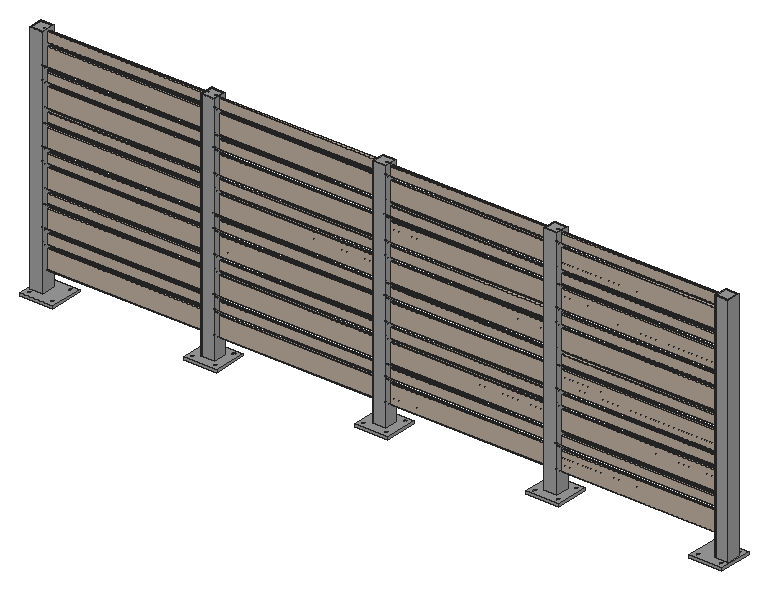
Revit family "Screening-Louver-Assembly-Array-Palmshield-Mercury_Economic-Alternating-Semi_Private-Vinyl", category Specialty Equipment, Revit 2020
Family settings
  Round Connector Dimension = Use Diameter
  Part Type = Normal
  OmniClass Number = 23.55.00.00
  OmniClass Title = Manufactured Structures
  Cut with Voids When Loaded = No
  Shared = No
  Room Calculation Point = No
Parameters (values of type "Assembly")
  Warranty URL = "https://palmshieldlouvers.com/wp-content/uploads/2020/01/PalmSHIELD-Warranty-NO-SIGN-LINE.pdf"
  Version = "2020 - v1.0a"  # constant formula
  URL = "https://palmshieldlouvers.com/"
  Type Comments = ""
  Left Post UP [instance] = yes
  Left Post Description [instance] = if(Left Post Position = 1, "Middle Post", if(Left Post Position = 2, "Corner Post", if(Left Post Position = 3, "End Post", "Not a Valid Option")))  # "End Post"
  Left Post DOWN [instance] = not(Left Post UP)  # no
  Left Post [instance] = yes
  Product Page URL = "https://palmshieldlouvers.com/products/mercury-eco-semi-private/"
  Product Documentation Link = "https://palmshieldlouvers.com/wp-content/uploads/2022/01/Mercury-Economic-Alternating-Semi-Private.pdf"
  Post Finish = Metal - PalmSHIELD - Dusty Grey
  Panel Width [instance] = if(Desired Panel Width > C Max Panel Width, C Max Panel Width, if(Desired Panel Width < C Min Panel Width, C Min Panel Width, Desired Panel Width))  # 4' - 0"
  Panel Height [instance] = if(Desired Panel Height > C Max Panel Height, C Max Panel Height, if(Desired Panel Height < C Min Panel Height, C Min Panel Height, Desired Panel Height))  # 6' - 0"
  Model = "Mercury Economic - Alternating - Semi Private"  # constant formula
  Manufacturer Phone Number = "531-329-4406 "  # constant formula
  Manufacturer Email = "mailto: info@palmshieldlouvers.com"
  Manufacturer Address = "12330 Cary Circle, La Vista, NE 68128"  # constant formula
  Manufacturer = "PalmSHIELD"  # constant formula
  Louver Finsh = Metal - PalmSHIELD - Grey Beige
  Left Post Position [instance] = 3
  Keynote = "05 10 00"
  Instruction Sheet Link = "https://palmshieldlouvers.com/wp-content/uploads/2021/09/PalmSHIELD-Mercury-Series-Post-Panel-Gate-Installation-Instructions-2.docx"
  ID [instance] = "Not Assigned"
  Frame Finish = Metal - PalmSHIELD - Dusty Grey
  Filler Panel [instance] = yes
  Right Post UP [instance] = yes
  Right Post Description [instance] = if(Right Post Position = 1, "Middle Post", if(Right Post Position = 2, "Corner Post", if(Right Post Position = 3, "End Post", "Not a Valid Option")))  # "End Post"
  Right Post DOWN [instance] = not(Right Post UP)  # no
  Right Post Position [instance] = 3
  Right Post [instance] = yes
  Desired Panel Width [instance] = 4' - 0"
  Desired Panel Height [instance] = 6' - 0"
  Real Length [instance] = if([built-in parameter 1001306] < (C Post Width + C Min Panel Width), (C Post Width + C Min Panel Width), [built-in parameter 1001306])  # 17' - 4"
  Description = "Mercury Economic - Alternating - Semi Private"  # constant formula
  built-in parameter 1001306 [instance] = 17' - 4"
  Copyright = "Copyright ©2024 The American Fence Company and PalmSHIELD. All Rights Reserved."  # constant formula
  Component Name [instance] = "Mercury Economic - Alternating - Semi Private"  # constant formula
  C Single Post [instance] = if(C Condition Double, 1 = 1, if(and(Right Post, C Condition Single), 1 = 1, 1 = 0))  # no
  C Single Panel [instance] = or(C Condition Double, C Condition Single)  # no
  C Single End Post Position [instance] = if(C Array Count = 1, 1, Right Post Position)  # 3
  C Right Post Offset Single [instance] = if(C Single End Post Position = 3, 0' 4 1/2", if(C Single End Post Position = 1, 0' 2", if(Right Post DOWN, 0' 2", 0' 4")))  # 0' - 4 1/2"
  C Right Post Offset Aux Single [instance] = if(C Single End Post Position = 3, 0' 0", if(C Single End Post Position = 1, 0' 0", if(Right Post DOWN, 0' 2", 0' 0")))  # 0' - 0"
  C Right Post Offset Aux [instance] = if(Right Post Position = 3, 0' 0", if(Right Post Position = 1, 0' 0", if(Right Post DOWN, 0' 2", 0' 0")))  # 0' - 0"
  C Right Post Offset [instance] = if(Right Post Position = 3, 0' 4 1/2", if(Right Post Position = 1, 0' 2", if(Right Post DOWN, 0' 2", 0' 4")))  # 0' - 4 1/2"
  C Right Post Angle Single [instance] = if(C Single End Post Position = 2, 90.00°, 0.00°)  # 0.00°
  C Right Post Angle [instance] = if(Right Post Position = 2, 90.00°, 0.00°)  # 0.00°
  C Post Width [instance] = 0' - 4"  # constant formula
  C Multiple Post [instance] = (C Condition Multiple)  # yes
  C Multiple Panels [instance] = (C Condition Multiple)  # yes
  C Min Panel Width [instance] = 4' - 0"  # constant formula
  C Min Panel Height [instance] = C Min Panel Width  # 4' - 0"
  C Max Panel Width [instance] = 5' - 0"  # constant formula
  C Max Panel Height [instance] = 6' - 0"  # constant formula
  C Left Post Offset Aux [instance] = if(Left Post Position = 3, 0' 4 1/2", if(Left Post Position = 1, 0' 2", if(Left Post DOWN, 0' 2", 0' 6")))  # 0' - 4 1/2"
  C Left Post Angle [instance] = if(Left Post Position = 3, 90.00°, 0.00°)  # 90.00°
  C Left Post Offset [instance] = if(Left Post Position = 3, 0' 0", if(Left Post Position = 1, 0' 0", if(Left Post DOWN, 0' 2", 0' 2")))  # 0' - 0"
  C Filler Post [instance] = and(not(C Condition Single), Filler Panel, Right Post, or(C Filler Panel Width = C Min Panel Width, C Filler Panel Width > C Min Panel Width))  # yes
  C Filler Panel Width Calculated [instance] = Real Length - C Calculated Total Length - Panel Width - C Post Width  # 4' - 0"
  C Filler Panel Width [instance] = if(C Filler Panel Width Calculated < C Min Panel Width, C Min Panel Width, if(C Filler Panel Width Calculated > C Max Panel Width, C Max Panel Width, C Filler Panel Width Calculated))  # 4' - 0"
  C Filler Panel [instance] = and(not(C Condition Single), Filler Panel, or(C Filler Panel Width = C Min Panel Width, C Filler Panel Width > C Min Panel Width))  # yes
  C Condition Single [instance] = C Array Count < 1  # no
  C Condition Multiple [instance] = C Array Count > 1  # yes
  C Condition Double [instance] = C Array Count = 1  # no
  C Complete Post [instance] = and(not(C Condition Single), not(Filler Panel), Right Post)  # no
  C Complete Panel [instance] = and(not(C Condition Single), not(Filler Panel))  # no
  C Calculated Total Length [instance] = if(C Array Count < 1, 0' 0", if(C Array Count = 1, C Post Width, Panel Width * (C Array Safe - 1) + C Post Width * (C Array Safe)))  # 9' - 0"
  C Calculated Filler Panel Length [instance] = if(C Array Count < 1, 0' 0", if(or(C Array Count = 2, C Array Count = 1), C Post Width, if(Filler Panel, (C Calculated Total Length - C Post Width - C Filler Panel Width), (C Calculated Total Length - C Post Width - Panel Width))))  # 4' - 8"
  C Array Safe [instance] = if(C Array Count < 2, 2, C Array Count)  # 3
  C Array Count [instance] = if(Filler Panel, roundup(((Real Length - C Min Panel Width) / (Panel Width + C Post Width)) - 1), roundup(((Real Length - (Panel Width)) / (Panel Width + C Post Width)) - 1))  # 3
  Assembly Code = "F1020100"
Reference planes (in)
  plane 1 "Center (Front/Back)": y = 0
  plane 2 "B": z = 0
  plane 3 "Left": x = 0
  plane 4 "Right": x = 208
  plane 5 "Top": z = 72
  plane 6: x = 48
  plane 7: x = 52
  plane 8: x = 100
  plane 9: x = 104
  plane 10: x = -4
  plane 11: x = 156
  plane 12: x = 52
  plane 13: x = 204
  plane 14: x = 204
  plane 15: x = -2
  plane 16: x = 208
  plane 17: x = 206
  plane 18: x = 206
  plane 19: x = 208
  plane 20: x = 50
  plane 21: x = 102
  plane 22: y = -2
  plane 23: y = 2
Lines and regions (in)
  reference lines
    curve 1: line (0, 0, 0) -> (208, 0, 0)
    curve 2: line (-2, 0, 0) -> (-4, 0, 0)
    curve 3: line (-2, 0, 0) -> (-2, 2, 0)
    curve 4: line (2.5, 0, 0) -> (2.5, 2, 0)
    curve 5: line (206, 0, 0) -> (206, -2, 0)
    curve 6: line (206, 0, 0) -> (208, 0, 0)
    curve 7: line (206, 0, 0) -> (206, 2, 0)
    curve 8: line (206, 0, 0) -> (206, 2, 0)
    curve 9: line (50.00002, 0, 0) -> (50.00002, 2, 0)
    curve 10: line (50, 0, 0) -> (52, 0, 0)
    curve 11: line (50.00002, -0.00002, 0) -> (50.00002, 2, 0)
    curve 12: line (206, 0, 0) -> (206, 2, 0)
    curve 13: line (206, 0, 0) -> (208, 0, 0)
    curve 14: line (206, 0, 0) -> (206, 2, 0)
Dimensions and locks (in)
  "built-in parameter 1001306": plane 3 "Left" to plane 4 "Right"
  "Panel Width": plane 6 to plane 3 "Left"
  "C Post Width": plane 7 to plane 6
  "Panel Width": plane 8 to plane 7
  "C Post Width": plane 9 to plane 8
  "C Post Width": plane 3 "Left" to plane 10
  "C Calculated Filler Panel Length": plane 12 to plane 10
  "C Filler Panel Width": plane 13 to plane 11
  "Panel Width": plane 14 to plane 11
  "C Calculated Total Length": plane 11 to plane 6
  equal spacing: plane 10, plane 15, plane 3 "Left"
  equal spacing: plane 16, plane 17, plane 13
  "C Post Width": plane 16 to plane 13
  equal spacing: plane 19, plane 18, plane 14
  "C Post Width": plane 19 to plane 14
  equal spacing: plane 9, plane 21, plane 8
  equal spacing: plane 7, plane 20, plane 6
  equal spacing: plane 22, plane 1 "Center (Front/Back)", plane 23
  "C Post Width": plane 22 to plane 23
  "Panel Height": plane 5 "Top" to level
  "C Left Post Offset": curve 4 to nested 1
  "C Left Post Offset Aux": curve 3 to curve 4
  equal spacing: group 1, group 2, group 3  (x3)
  "C Right Post Offset Aux": curve 8 to curve 7
  "C Right Post Offset": curve 8 to nested 5
  "C Right Post Offset Aux Single": curve 11 to curve 9
  "C Right Post Offset Single": curve 11 to nested 8
  "C Right Post Offset Aux": curve 14 to curve 12
  "C Right Post Offset": curve 14 to nested 10
  equal spacing: group 4, group 5, group 6  (x3)
  "C Left Post Angle": angle curve 2 to plane 15
  locked: curve 3 to curve 2 (angle 90.00°)
  locked: curve 6 to curve 7 (angle 90.00°)
  "C Right Post Angle": angle curve 7 to plane 18
  locked: curve 10 to curve 9 (angle 90.00°)
  "C Right Post Angle Single": angle curve 9 to plane 20
  locked: curve 13 to curve 12 (angle 90.00°)
  "C Right Post Angle": angle curve 12 to plane 18
  aligned and locked: plane 4 "Right" to curve 1
  aligned and locked: plane 1 "Center (Front/Back)" to curve 1
  aligned and locked: plane 3 "Left" to curve 1
  aligned and locked: level to plane 2 "B"
  aligned and locked: plane 3 "Left" to nested 2
  aligned and locked: nested 4 to plane 14
  aligned and locked: plane 1 "Center (Front/Back)" to nested 7
  aligned and locked: plane 20 to nested 7
  aligned and locked: plane 3 "Left" to nested 6
  aligned and locked: plane 1 "Center (Front/Back)" to nested 6
  aligned and locked: plane 11 to nested 3
  aligned and locked: plane 1 "Center (Front/Back)" to nested 3
  aligned and locked: plane 1 "Center (Front/Back)" to curve 2
  aligned and locked: plane 15 to curve 3
  aligned and locked: curve 2 to nested 1
  aligned and locked: plane 21 to nested 9
  aligned and locked: plane 1 "Center (Front/Back)" to nested 9
  aligned and locked: plane 17 to curve 5
  aligned and locked: plane 1 "Center (Front/Back)" to nested 4
  aligned and locked: plane 1 "Center (Front/Back)" to curve 6
  aligned and locked: plane 1 "Center (Front/Back)" to nested 2
  aligned and locked: plane 20 to curve 10
  aligned and locked: nested 8 to curve 10
  aligned and locked: plane 18 to curve 13
  aligned and locked: plane 1 "Center (Front/Back)" to curve 12
  aligned and locked: plane 7 to nested 31
  aligned and locked: plane 1 "Center (Front/Back)" to nested 31
Automatic sketch dimensions
  plane 22 to curve 5 = 0' - 0"
  curve 10 to curve 9 = 0' - 0"
  curve 2 to curve 4 = 0' - 0"
  curve 4 to curve 4 = 0' - 2"
  curve 8 to curve 7 = 0' - 0"  (x2)
  curve 11 to curve 9 = 0' - 0"  (x2)
  curve 14 to curve 13 = 0' - 0"
  curve 13 to curve 14 = 0' - 2"
Nested families (in)
  nested 1: "Screening-Louver-Assembly-Post-Palmshield-Mercury-Economic-Alternating-Semi_Private-Aluminum" at (0.5, 0, 0) x (-1, 0, 0) z (0, 0, 1), Desired Overall Height <- "Panel Height", visible <- "Left Post", Component Vis <- "Left Post", ID <- "ID", Post Position <- "Left Post Position", type "Assembly"
    with Post Position 3, ID "Not Assigned", Height 6' - 0", Desired Overall Height 6' - 0", Component Vis yes, Component Name "Mercury Economic - Alternating - Semi Private - Square Post", C Min Height 3' - 4", C Max Height 6' - 0"
  nested 2: "Screening-Louver-Assembly-Panel-Palmshield-Mercury_Economic-Alternating-Semi_Private-Vinyl" at (0, 0, 0), Desired Overall Height <- "Panel Height", Desired Overall Width <- "Panel Width", visible <- "C Single Panel", Component Vis <- "C Single Panel", ID <- "ID", type "Assembly"
    with Width 4' - 0", ID "Not Assigned", Height 6' - 0", Desired Overall Width 4' - 0", Desired Overall Height 6' - 0", Desired Bottom Angle 0.00°, Component Vis no, Component Name "Mercury Economic - Alternating - Semi Private", C Min Width 4' - 0", C Min Height 4' - 0", C Max Width 5' - 0", C Max Height 6' - 0", C Angle 0.00°
  nested 3: "Screening-Louver-Assembly-Panel-Palmshield-Mercury_Economic-Alternating-Semi_Private-Vinyl" at (156, 0, 0), Desired Overall Height <- "Panel Height", Desired Overall Width <- "C Filler Panel Width", visible <- "C Filler Panel", Component Vis <- "C Filler Panel", ID <- "ID", type "Assembly"
    with Width 4' - 0", ID "Not Assigned", Height 6' - 0", Desired Overall Width 4' - 0", Desired Overall Height 6' - 0", Desired Bottom Angle 0.00°, Component Vis yes, Component Name "Mercury Economic - Alternating - Semi Private", C Min Width 4' - 0", C Min Height 4' - 0", C Max Width 5' - 0", C Max Height 6' - 0", C Angle 0.00°
  nested 4: "Screening-Louver-Assembly-Panel-Palmshield-Mercury_Economic-Alternating-Semi_Private-Vinyl" at (156, 0, 0), Desired Overall Height <- "Panel Height", Desired Overall Width <- "Panel Width", visible <- "C Complete Panel", Component Vis <- "C Complete Panel", ID <- "ID", type "Assembly"
    with Width 4' - 0", ID "Not Assigned", Height 6' - 0", Desired Overall Width 4' - 0", Desired Overall Height 6' - 0", Desired Bottom Angle 0.00°, Component Vis no, Component Name "Mercury Economic - Alternating - Semi Private", C Min Width 4' - 0", C Min Height 4' - 0", C Max Width 5' - 0", C Max Height 6' - 0", C Angle 0.00°
  nested 5: "Screening-Louver-Assembly-Post-Palmshield-Mercury-Economic-Alternating-Semi_Private-Aluminum" at (203.5, 0, 0), Desired Overall Height <- "Panel Height", visible <- "C Filler Post", Component Vis <- "C Filler Post", ID <- "ID", Post Position <- "Right Post Position", type "Assembly"
    with Post Position 3, ID "Not Assigned", Height 6' - 0", Desired Overall Height 6' - 0", Component Vis yes, Component Name "Mercury Economic - Alternating - Semi Private - Square Post", C Min Height 3' - 4", C Max Height 6' - 0"
  nested 6: "Screening-Louver-Assembly-Panel-Palmshield-Mercury_Economic-Alternating-Semi_Private-Vinyl" at (0, 0, 0), Desired Overall Height <- "Panel Height", Desired Overall Width <- "Panel Width", visible <- "C Multiple Panels", Component Vis <- "C Multiple Panels", ID <- "ID", type "Assembly"
    with Width 4' - 0", ID "Not Assigned", Height 6' - 0", Desired Overall Width 4' - 0", Desired Overall Height 6' - 0", Desired Bottom Angle 0.00°, Component Vis yes, Component Name "Mercury Economic - Alternating - Semi Private", C Min Width 4' - 0", C Min Height 4' - 0", C Max Width 5' - 0", C Max Height 6' - 0", C Angle 0.00°
  nested 7: "Screening-Louver-Assembly-Post-Palmshield-Mercury-Economic-Alternating-Semi_Private-Aluminum" at (50, 0, 0), Desired Overall Height <- "Panel Height", visible <- "C Multiple Post", Component Vis <- "C Multiple Post", ID <- "ID", type "Assembly"
    with Post Position 1, ID "Not Assigned", Height 6' - 0", Desired Overall Height 6' - 0", Component Vis yes, Component Name "Mercury Economic - Alternating - Semi Private - Square Post", C Min Height 3' - 4", C Max Height 6' - 0"
  nested 8: "Screening-Louver-Assembly-Post-Palmshield-Mercury-Economic-Alternating-Semi_Private-Aluminum" at (47.50002, 0, 0), Desired Overall Height <- "Panel Height", visible <- "C Single Post", Component Vis <- "C Single Post", ID <- "ID", Post Position <- "C Single End Post Position", type "Assembly"
    with Post Position 3, ID "Not Assigned", Height 6' - 0", Desired Overall Height 6' - 0", Component Vis no, Component Name "Mercury Economic - Alternating - Semi Private - Square Post", C Min Height 3' - 4", C Max Height 6' - 0"
  nested 9: "Screening-Louver-Assembly-Post-Palmshield-Mercury-Economic-Alternating-Semi_Private-Aluminum" at (102, 0, 0), Desired Overall Height <- "Panel Height", visible <- "C Multiple Post", Component Vis <- "C Multiple Post", ID <- "ID", type "Assembly"
    with Post Position 1, ID "Not Assigned", Height 6' - 0", Desired Overall Height 6' - 0", Component Vis yes, Component Name "Mercury Economic - Alternating - Semi Private - Square Post", C Min Height 3' - 4", C Max Height 6' - 0"
  nested 10: "Screening-Louver-Assembly-Post-Palmshield-Mercury-Economic-Alternating-Semi_Private-Aluminum" at (203.5, 0, 0), Desired Overall Height <- "Panel Height", visible <- "C Complete Post", Component Vis <- "C Complete Post", ID <- "ID", Post Position <- "Right Post Position", type "Assembly"
    with Post Position 3, ID "Not Assigned", Height 6' - 0", Desired Overall Height 6' - 0", Component Vis no, Component Name "Mercury Economic - Alternating - Semi Private - Square Post", C Min Height 3' - 4", C Max Height 6' - 0"
  nested 11: "Screening-Louver-Assembly-Post-Palmshield-Mercury-Economic-Alternating-Semi_Private-Aluminum" at (154, 0, 0), Desired Overall Height <- "Panel Height", visible <- "C Multiple Post", Component Vis <- "C Multiple Post", ID <- "ID", type "Assembly"
    with Post Position 1, ID "Not Assigned", Height 6' - 0", Desired Overall Height 6' - 0", Component Vis yes, Component Name "Mercury Economic - Alternating - Semi Private - Square Post", C Min Height 3' - 4", C Max Height 6' - 0"
  nested 12: "Nested-Base_Plate-Palmshield-Mercury_Economic" at (154, 0, 0), type "10" x 10" x 3/4""
    with Material Metal - PalmSHIELD - Dusty Grey, ID "Not Assigned", Component Vis yes, Component Name "Mercury Economic - Aluminum - Base Plate"
  nested 13: "Nested-Square_Post-Aluminum-Palmshield-Mercury_Economic" at (154, 0, 0.75), type "4" X 4" X 1/8" SQ. TUBE"
    with Material Metal - PalmSHIELD - Dusty Grey, Length 5' - 11 1/4", ID "Not Assigned", Component Vis yes, Component Name "Mercury Economic - Aluminum - Square Post"
  nested 14: "Nested-Top_Cap-Palmshield-Mercury_Economic" at (154, 0, 72) x (1, 0, 0) z (0, 0, -1), type "3 3/4" x 3 3/4" x 1/8""
    with Material Metal - PalmSHIELD - Dusty Grey, ID "Not Assigned", Component Vis yes, Component Name "Mercury Economic - Aluminum - Square Top Cap"
  nested 15: "Nested-Base_Plate-Palmshield-Mercury_Economic" at (50, 0, 0), type "10" x 10" x 3/4""
    with Material Metal - PalmSHIELD - Dusty Grey, ID "Not Assigned", Component Vis yes, Component Name "Mercury Economic - Aluminum - Base Plate"
  nested 16: "Nested-Square_Post-Aluminum-Palmshield-Mercury_Economic" at (50, 0, 0.75), type "4" X 4" X 1/8" SQ. TUBE"
    with Material Metal - PalmSHIELD - Dusty Grey, Length 5' - 11 1/4", ID "Not Assigned", Component Vis yes, Component Name "Mercury Economic - Aluminum - Square Post"
  nested 17: "Nested-Top_Cap-Palmshield-Mercury_Economic" at (50, 0, 72) x (1, 0, 0) z (0, 0, -1), type "3 3/4" x 3 3/4" x 1/8""
    with Material Metal - PalmSHIELD - Dusty Grey, ID "Not Assigned", Component Vis yes, Component Name "Mercury Economic - Aluminum - Square Top Cap"
  nested 18: "Nested-Base_Plate-Palmshield-Mercury_Economic" at (102, 0, 0), type "10" x 10" x 3/4""
    with Material Metal - PalmSHIELD - Dusty Grey, ID "Not Assigned", Component Vis yes, Component Name "Mercury Economic - Aluminum - Base Plate"
  nested 19: "Nested-Square_Post-Aluminum-Palmshield-Mercury_Economic" at (102, 0, 0.75), type "4" X 4" X 1/8" SQ. TUBE"
    with Material Metal - PalmSHIELD - Dusty Grey, Length 5' - 11 1/4", ID "Not Assigned", Component Vis yes, Component Name "Mercury Economic - Aluminum - Square Post"
  nested 20: "Nested-Top_Cap-Palmshield-Mercury_Economic" at (102, 0, 72) x (1, 0, 0) z (0, 0, -1), type "3 3/4" x 3 3/4" x 1/8""
    with Material Metal - PalmSHIELD - Dusty Grey, ID "Not Assigned", Component Vis yes, Component Name "Mercury Economic - Aluminum - Square Top Cap"
  nested 21: "Nested-Louvers-Palmshield-Mercury-Economic-Alternating-Semi_Private-Vinyl" at (-1.8125, 0, 6.5) x (0, 1, 0) z (1, 0, 0), type "7/8" X 6" VINYL"
    with Material Metal - PalmSHIELD - Grey Beige, Length 4' - 3 5/8", ID "", Component Name "Mercury Economic Alternating Semi Private - Vinyl - Louvers"
  nested 22: "Nested-Louvers-Palmshield-Mercury-Economic-Alternating-Semi_Private-Vinyl" at (-1.8125, 0, 13.5) x (0, 1, 0) z (1, 0, 0), type "7/8" X 3" VINYL"
    with Material Metal - PalmSHIELD - Grey Beige, Length 4' - 3 5/8", ID "", Component Name "Mercury Economic Alternating Semi Private - Vinyl - Louvers"
  nested 23: "Nested-Louvers-Palmshield-Mercury-Economic-Alternating-Semi_Private-Vinyl" at (-1.8125, 0, 35.5) x (0, 1, 0) z (1, 0, 0), type "7/8" X 3" VINYL"
    with Material Metal - PalmSHIELD - Grey Beige, Length 4' - 3 5/8", ID "", Component Name "Mercury Economic Alternating Semi Private - Vinyl - Louvers"
  nested 24: "Nested-Louvers-Palmshield-Mercury-Economic-Alternating-Semi_Private-Vinyl" at (-1.8125, 0, 46.5) x (0, 1, 0) z (1, 0, 0), type "7/8" X 3" VINYL"
    with Material Metal - PalmSHIELD - Grey Beige, Length 4' - 3 5/8", ID "", Component Name "Mercury Economic Alternating Semi Private - Vinyl - Louvers"
  nested 25: "Nested-Louvers-Palmshield-Mercury-Economic-Alternating-Semi_Private-Vinyl" at (-1.8125, 0, 28.5) x (0, 1, 0) z (1, 0, 0), type "7/8" X 6" VINYL"
    with Material Metal - PalmSHIELD - Grey Beige, Length 4' - 3 5/8", ID "", Component Name "Mercury Economic Alternating Semi Private - Vinyl - Louvers"
  nested 26: "Nested-Louvers-Palmshield-Mercury-Economic-Alternating-Semi_Private-Vinyl" at (-1.8125, 0, 39.5) x (0, 1, 0) z (1, 0, 0), type "7/8" X 6" VINYL"
    with Material Metal - PalmSHIELD - Grey Beige, Length 4' - 3 5/8", ID "", Component Name "Mercury Economic Alternating Semi Private - Vinyl - Louvers"
  nested 27: "Nested-Louvers-Palmshield-Mercury-Economic-Alternating-Semi_Private-Vinyl" at (-1.8125, 0, 50.5) x (0, 1, 0) z (1, 0, 0), type "7/8" X 6" VINYL"
    with Material Metal - PalmSHIELD - Grey Beige, Length 4' - 3 5/8", ID "", Component Name "Mercury Economic Alternating Semi Private - Vinyl - Louvers"
  nested 28: "Nested-Louvers-Palmshield-Mercury-Economic-Alternating-Semi_Private-Vinyl" at (-1.8125, 0, 57.5) x (0, 1, 0) z (1, 0, 0), type "7/8" X 3" VINYL"
    with Material Metal - PalmSHIELD - Grey Beige, Length 4' - 3 5/8", ID "", Component Name "Mercury Economic Alternating Semi Private - Vinyl - Louvers"
  nested 29: "Nested-Louvers-Palmshield-Mercury-Economic-Alternating-Semi_Private-Vinyl" at (-1.8125, 0, 61.5) x (0, 1, 0) z (1, 0, 0), type "7/8" X 6" VINYL"
    with Material Metal - PalmSHIELD - Grey Beige, Length 4' - 3 5/8", ID "", Component Name "Mercury Economic Alternating Semi Private - Vinyl - Louvers"
  nested 30: "Nested-Louvers-Palmshield-Mercury-Economic-Alternating-Semi_Private-Vinyl" at (-1.8125, 0, 68.5) x (0, 1, 0) z (1, 0, 0), type "7/8" X 3" VINYL"
    with Material Metal - PalmSHIELD - Grey Beige, Length 4' - 3 5/8", ID "", Component Name "Mercury Economic Alternating Semi Private - Vinyl - Louvers"
  nested 31: "Screening-Louver-Assembly-Panel-Palmshield-Mercury_Economic-Alternating-Semi_Private-Vinyl" at (52, 0, 0), Desired Overall Height <- "Panel Height", Desired Overall Width <- "Panel Width", visible <- "C Multiple Panels", Component Vis <- "C Multiple Panels", ID <- "ID", type "Assembly"
    with Width 4' - 0", ID "Not Assigned", Height 6' - 0", Desired Overall Width 4' - 0", Desired Overall Height 6' - 0", Desired Bottom Angle 0.00°, Component Vis yes, Component Name "Mercury Economic - Alternating - Semi Private", C Min Width 4' - 0", C Min Height 4' - 0", C Max Width 5' - 0", C Max Height 6' - 0", C Angle 0.00°
  nested 32: "Nested-Louvers-Palmshield-Mercury-Economic-Alternating-Semi_Private-Vinyl" at (50.1875, 0, 6.5) x (0, 1, 0) z (1, 0, 0), type "7/8" X 6" VINYL"
    with Material Metal - PalmSHIELD - Grey Beige, Length 4' - 3 5/8", ID "", Component Name "Mercury Economic Alternating Semi Private - Vinyl - Louvers"
  nested 33: "Nested-Louvers-Palmshield-Mercury-Economic-Alternating-Semi_Private-Vinyl" at (50.1875, 0, 13.5) x (0, 1, 0) z (1, 0, 0), type "7/8" X 3" VINYL"
    with Material Metal - PalmSHIELD - Grey Beige, Length 4' - 3 5/8", ID "", Component Name "Mercury Economic Alternating Semi Private - Vinyl - Louvers"
  nested 34: "Nested-Louvers-Palmshield-Mercury-Economic-Alternating-Semi_Private-Vinyl" at (50.1875, 0, 35.5) x (0, 1, 0) z (1, 0, 0), type "7/8" X 3" VINYL"
    with Material Metal - PalmSHIELD - Grey Beige, Length 4' - 3 5/8", ID "", Component Name "Mercury Economic Alternating Semi Private - Vinyl - Louvers"
  nested 35: "Nested-Louvers-Palmshield-Mercury-Economic-Alternating-Semi_Private-Vinyl" at (50.1875, 0, 46.5) x (0, 1, 0) z (1, 0, 0), type "7/8" X 3" VINYL"
    with Material Metal - PalmSHIELD - Grey Beige, Length 4' - 3 5/8", ID "", Component Name "Mercury Economic Alternating Semi Private - Vinyl - Louvers"
  nested 36: "Nested-Louvers-Palmshield-Mercury-Economic-Alternating-Semi_Private-Vinyl" at (50.1875, 0, 28.5) x (0, 1, 0) z (1, 0, 0), type "7/8" X 6" VINYL"
    with Material Metal - PalmSHIELD - Grey Beige, Length 4' - 3 5/8", ID "", Component Name "Mercury Economic Alternating Semi Private - Vinyl - Louvers"
  nested 37: "Nested-Louvers-Palmshield-Mercury-Economic-Alternating-Semi_Private-Vinyl" at (50.1875, 0, 39.5) x (0, 1, 0) z (1, 0, 0), type "7/8" X 6" VINYL"
    with Material Metal - PalmSHIELD - Grey Beige, Length 4' - 3 5/8", ID "", Component Name "Mercury Economic Alternating Semi Private - Vinyl - Louvers"
  nested 38: "Nested-Louvers-Palmshield-Mercury-Economic-Alternating-Semi_Private-Vinyl" at (50.1875, 0, 50.5) x (0, 1, 0) z (1, 0, 0), type "7/8" X 6" VINYL"
    with Material Metal - PalmSHIELD - Grey Beige, Length 4' - 3 5/8", ID "", Component Name "Mercury Economic Alternating Semi Private - Vinyl - Louvers"
  nested 39: "Nested-Louvers-Palmshield-Mercury-Economic-Alternating-Semi_Private-Vinyl" at (50.1875, 0, 57.5) x (0, 1, 0) z (1, 0, 0), type "7/8" X 3" VINYL"
    with Material Metal - PalmSHIELD - Grey Beige, Length 4' - 3 5/8", ID "", Component Name "Mercury Economic Alternating Semi Private - Vinyl - Louvers"
  nested 40: "Nested-Louvers-Palmshield-Mercury-Economic-Alternating-Semi_Private-Vinyl" at (50.1875, 0, 61.5) x (0, 1, 0) z (1, 0, 0), type "7/8" X 6" VINYL"
    with Material Metal - PalmSHIELD - Grey Beige, Length 4' - 3 5/8", ID "", Component Name "Mercury Economic Alternating Semi Private - Vinyl - Louvers"
  nested 41: "Nested-Louvers-Palmshield-Mercury-Economic-Alternating-Semi_Private-Vinyl" at (50.1875, 0, 68.5) x (0, 1, 0) z (1, 0, 0), type "7/8" X 3" VINYL"
    with Material Metal - PalmSHIELD - Grey Beige, Length 4' - 3 5/8", ID "", Component Name "Mercury Economic Alternating Semi Private - Vinyl - Louvers"
  nested 42: "Screening-Louver-Assembly-Panel-Palmshield-Mercury_Economic-Alternating-Semi_Private-Vinyl" at (104, 0, 0), Desired Overall Height <- "Panel Height", Desired Overall Width <- "Panel Width", visible <- "C Multiple Panels", Component Vis <- "C Multiple Panels", ID <- "ID", type "Assembly"
    with Width 4' - 0", ID "Not Assigned", Height 6' - 0", Desired Overall Width 4' - 0", Desired Overall Height 6' - 0", Desired Bottom Angle 0.00°, Component Vis yes, Component Name "Mercury Economic - Alternating - Semi Private", C Min Width 4' - 0", C Min Height 4' - 0", C Max Width 5' - 0", C Max Height 6' - 0", C Angle 0.00°
  nested 43: "Nested-Louvers-Palmshield-Mercury-Economic-Alternating-Semi_Private-Vinyl" at (102.1875, 0, 6.5) x (0, 1, 0) z (1, 0, 0), type "7/8" X 6" VINYL"
    with Material Metal - PalmSHIELD - Grey Beige, Length 4' - 3 5/8", ID "", Component Name "Mercury Economic Alternating Semi Private - Vinyl - Louvers"
  nested 44: "Nested-Louvers-Palmshield-Mercury-Economic-Alternating-Semi_Private-Vinyl" at (102.1875, 0, 13.5) x (0, 1, 0) z (1, 0, 0), type "7/8" X 3" VINYL"
    with Material Metal - PalmSHIELD - Grey Beige, Length 4' - 3 5/8", ID "", Component Name "Mercury Economic Alternating Semi Private - Vinyl - Louvers"
  nested 45: "Nested-Louvers-Palmshield-Mercury-Economic-Alternating-Semi_Private-Vinyl" at (102.1875, 0, 35.5) x (0, 1, 0) z (1, 0, 0), type "7/8" X 3" VINYL"
    with Material Metal - PalmSHIELD - Grey Beige, Length 4' - 3 5/8", ID "", Component Name "Mercury Economic Alternating Semi Private - Vinyl - Louvers"
  nested 46: "Nested-Louvers-Palmshield-Mercury-Economic-Alternating-Semi_Private-Vinyl" at (102.1875, 0, 46.5) x (0, 1, 0) z (1, 0, 0), type "7/8" X 3" VINYL"
    with Material Metal - PalmSHIELD - Grey Beige, Length 4' - 3 5/8", ID "", Component Name "Mercury Economic Alternating Semi Private - Vinyl - Louvers"
  nested 47: "Nested-Louvers-Palmshield-Mercury-Economic-Alternating-Semi_Private-Vinyl" at (102.1875, 0, 28.5) x (0, 1, 0) z (1, 0, 0), type "7/8" X 6" VINYL"
    with Material Metal - PalmSHIELD - Grey Beige, Length 4' - 3 5/8", ID "", Component Name "Mercury Economic Alternating Semi Private - Vinyl - Louvers"
  nested 48: "Nested-Louvers-Palmshield-Mercury-Economic-Alternating-Semi_Private-Vinyl" at (102.1875, 0, 39.5) x (0, 1, 0) z (1, 0, 0), type "7/8" X 6" VINYL"
    with Material Metal - PalmSHIELD - Grey Beige, Length 4' - 3 5/8", ID "", Component Name "Mercury Economic Alternating Semi Private - Vinyl - Louvers"
  nested 49: "Nested-Louvers-Palmshield-Mercury-Economic-Alternating-Semi_Private-Vinyl" at (102.1875, 0, 50.5) x (0, 1, 0) z (1, 0, 0), type "7/8" X 6" VINYL"
    with Material Metal - PalmSHIELD - Grey Beige, Length 4' - 3 5/8", ID "", Component Name "Mercury Economic Alternating Semi Private - Vinyl - Louvers"
  nested 50: "Nested-Louvers-Palmshield-Mercury-Economic-Alternating-Semi_Private-Vinyl" at (102.1875, 0, 57.5) x (0, 1, 0) z (1, 0, 0), type "7/8" X 3" VINYL"
    with Material Metal - PalmSHIELD - Grey Beige, Length 4' - 3 5/8", ID "", Component Name "Mercury Economic Alternating Semi Private - Vinyl - Louvers"
  nested 51: "Nested-Louvers-Palmshield-Mercury-Economic-Alternating-Semi_Private-Vinyl" at (102.1875, 0, 61.5) x (0, 1, 0) z (1, 0, 0), type "7/8" X 6" VINYL"
    with Material Metal - PalmSHIELD - Grey Beige, Length 4' - 3 5/8", ID "", Component Name "Mercury Economic Alternating Semi Private - Vinyl - Louvers"
  nested 52: "Nested-Louvers-Palmshield-Mercury-Economic-Alternating-Semi_Private-Vinyl" at (102.1875, 0, 68.5) x (0, 1, 0) z (1, 0, 0), type "7/8" X 3" VINYL"
    with Material Metal - PalmSHIELD - Grey Beige, Length 4' - 3 5/8", ID "", Component Name "Mercury Economic Alternating Semi Private - Vinyl - Louvers"
  nested 53: "Nested-Louvers-Palmshield-Mercury-Economic-Alternating-Semi_Private-Vinyl" at (154.1875, 0, 6.5) x (0, 1, 0) z (1, 0, 0), type "7/8" X 6" VINYL"
    with Material Metal - PalmSHIELD - Grey Beige, Length 4' - 3 5/8", ID "", Component Name "Mercury Economic Alternating Semi Private - Vinyl - Louvers"
  nested 54: "Nested-Louvers-Palmshield-Mercury-Economic-Alternating-Semi_Private-Vinyl" at (154.1875, 0, 13.5) x (0, 1, 0) z (1, 0, 0), type "7/8" X 3" VINYL"
    with Material Metal - PalmSHIELD - Grey Beige, Length 4' - 3 5/8", ID "", Component Name "Mercury Economic Alternating Semi Private - Vinyl - Louvers"
  nested 55: "Nested-Louvers-Palmshield-Mercury-Economic-Alternating-Semi_Private-Vinyl" at (154.1875, 0, 35.5) x (0, 1, 0) z (1, 0, 0), type "7/8" X 3" VINYL"
    with Material Metal - PalmSHIELD - Grey Beige, Length 4' - 3 5/8", ID "", Component Name "Mercury Economic Alternating Semi Private - Vinyl - Louvers"
  nested 56: "Nested-Louvers-Palmshield-Mercury-Economic-Alternating-Semi_Private-Vinyl" at (154.1875, 0, 46.5) x (0, 1, 0) z (1, 0, 0), type "7/8" X 3" VINYL"
    with Material Metal - PalmSHIELD - Grey Beige, Length 4' - 3 5/8", ID "", Component Name "Mercury Economic Alternating Semi Private - Vinyl - Louvers"
  nested 57: "Nested-Louvers-Palmshield-Mercury-Economic-Alternating-Semi_Private-Vinyl" at (154.1875, 0, 28.5) x (0, 1, 0) z (1, 0, 0), type "7/8" X 6" VINYL"
    with Material Metal - PalmSHIELD - Grey Beige, Length 4' - 3 5/8", ID "", Component Name "Mercury Economic Alternating Semi Private - Vinyl - Louvers"
  nested 58: "Nested-Louvers-Palmshield-Mercury-Economic-Alternating-Semi_Private-Vinyl" at (154.1875, 0, 39.5) x (0, 1, 0) z (1, 0, 0), type "7/8" X 6" VINYL"
    with Material Metal - PalmSHIELD - Grey Beige, Length 4' - 3 5/8", ID "", Component Name "Mercury Economic Alternating Semi Private - Vinyl - Louvers"
  nested 59: "Nested-Louvers-Palmshield-Mercury-Economic-Alternating-Semi_Private-Vinyl" at (154.1875, 0, 50.5) x (0, 1, 0) z (1, 0, 0), type "7/8" X 6" VINYL"
    with Material Metal - PalmSHIELD - Grey Beige, Length 4' - 3 5/8", ID "", Component Name "Mercury Economic Alternating Semi Private - Vinyl - Louvers"
  nested 60: "Nested-Louvers-Palmshield-Mercury-Economic-Alternating-Semi_Private-Vinyl" at (154.1875, 0, 57.5) x (0, 1, 0) z (1, 0, 0), type "7/8" X 3" VINYL"
    with Material Metal - PalmSHIELD - Grey Beige, Length 4' - 3 5/8", ID "", Component Name "Mercury Economic Alternating Semi Private - Vinyl - Louvers"
  nested 61: "Nested-Louvers-Palmshield-Mercury-Economic-Alternating-Semi_Private-Vinyl" at (154.1875, 0, 61.5) x (0, 1, 0) z (1, 0, 0), type "7/8" X 6" VINYL"
    with Material Metal - PalmSHIELD - Grey Beige, Length 4' - 3 5/8", ID "", Component Name "Mercury Economic Alternating Semi Private - Vinyl - Louvers"
  nested 62: "Nested-Louvers-Palmshield-Mercury-Economic-Alternating-Semi_Private-Vinyl" at (154.1875, 0, 68.5) x (0, 1, 0) z (1, 0, 0), type "7/8" X 3" VINYL"
    with Material Metal - PalmSHIELD - Grey Beige, Length 4' - 3 5/8", ID "", Component Name "Mercury Economic Alternating Semi Private - Vinyl - Louvers"
  nested 63: "Nested-Base_Plate-Palmshield-Mercury_Economic" at (203.5, 0, 0), type "10" x 10" x 3/4""
    with Material Metal - PalmSHIELD - Dusty Grey, ID "Not Assigned", Component Vis yes, Component Name "Mercury Economic - Aluminum - Base Plate"
  nested 64: "Nested-Square_Post-Aluminum-Palmshield-Mercury_Economic" at (206, 0, 0.75), type "4" X 4" X 1/8" SQ. TUBE"
    with Material Metal - PalmSHIELD - Dusty Grey, Length 5' - 11 1/4", ID "Not Assigned", Component Vis yes, Component Name "Mercury Economic - Aluminum - Square Post"
  nested 65: "Nested-Top_Cap-Palmshield-Mercury_Economic" at (206, 0, 72) x (1, 0, 0) z (0, 0, -1), type "3 3/4" x 3 3/4" x 1/8""
    with Material Metal - PalmSHIELD - Dusty Grey, ID "Not Assigned", Component Vis yes, Component Name "Mercury Economic - Aluminum - Square Top Cap"
  nested 66: "Nested-Base_Plate-Palmshield-Mercury_Economic" at (0.5, 0, 0) x (-1, 0, 0) z (0, 0, 1), type "10" x 10" x 3/4""
    with Material Metal - PalmSHIELD - Dusty Grey, ID "Not Assigned", Component Vis yes, Component Name "Mercury Economic - Aluminum - Base Plate"
  nested 67: "Nested-Square_Post-Aluminum-Palmshield-Mercury_Economic" at (-2, 0, 0.75) x (-1, 0, 0) z (0, 0, 1), type "4" X 4" X 1/8" SQ. TUBE"
    with Material Metal - PalmSHIELD - Dusty Grey, Length 5' - 11 1/4", ID "Not Assigned", Component Vis yes, Component Name "Mercury Economic - Aluminum - Square Post"
  nested 68: "Nested-Top_Cap-Palmshield-Mercury_Economic" at (-2, 0, 72) x (-1, 0, 0) z (0, 0, -1), type "3 3/4" x 3 3/4" x 1/8""
    with Material Metal - PalmSHIELD - Dusty Grey, ID "Not Assigned", Component Vis yes, Component Name "Mercury Economic - Aluminum - Square Top Cap"
  nested 69: "Nested-Louvers-Palmshield-Mercury-Economic-Alternating-Semi_Private-Vinyl" at (154.1875, 0, 17.5) x (0, 1, 0) z (1, 0, 0), type "7/8" X 6" VINYL"
    with Material Metal - PalmSHIELD - Grey Beige, Length 4' - 3 5/8", ID "", Component Name "Mercury Economic Alternating Semi Private - Vinyl - Louvers"
  nested 70: "Nested-Louvers-Palmshield-Mercury-Economic-Alternating-Semi_Private-Vinyl" at (154.1875, 0, 24.5) x (0, 1, 0) z (1, 0, 0), type "7/8" X 3" VINYL"
    with Material Metal - PalmSHIELD - Grey Beige, Length 4' - 3 5/8", ID "", Component Name "Mercury Economic Alternating Semi Private - Vinyl - Louvers"
  nested 71: "Nested-Louvers-Palmshield-Mercury-Economic-Alternating-Semi_Private-Vinyl" at (102.1875, 0, 17.5) x (0, 1, 0) z (1, 0, 0), type "7/8" X 6" VINYL"
    with Material Metal - PalmSHIELD - Grey Beige, Length 4' - 3 5/8", ID "", Component Name "Mercury Economic Alternating Semi Private - Vinyl - Louvers"
  nested 72: "Nested-Louvers-Palmshield-Mercury-Economic-Alternating-Semi_Private-Vinyl" at (102.1875, 0, 24.5) x (0, 1, 0) z (1, 0, 0), type "7/8" X 3" VINYL"
    with Material Metal - PalmSHIELD - Grey Beige, Length 4' - 3 5/8", ID "", Component Name "Mercury Economic Alternating Semi Private - Vinyl - Louvers"
  nested 73: "Nested-Louvers-Palmshield-Mercury-Economic-Alternating-Semi_Private-Vinyl" at (-1.8125, 0, 17.5) x (0, 1, 0) z (1, 0, 0), type "7/8" X 6" VINYL"
    with Material Metal - PalmSHIELD - Grey Beige, Length 4' - 3 5/8", ID "", Component Name "Mercury Economic Alternating Semi Private - Vinyl - Louvers"
  nested 74: "Nested-Louvers-Palmshield-Mercury-Economic-Alternating-Semi_Private-Vinyl" at (-1.8125, 0, 24.5) x (0, 1, 0) z (1, 0, 0), type "7/8" X 3" VINYL"
    with Material Metal - PalmSHIELD - Grey Beige, Length 4' - 3 5/8", ID "", Component Name "Mercury Economic Alternating Semi Private - Vinyl - Louvers"
  nested 75: "Nested-Louvers-Palmshield-Mercury-Economic-Alternating-Semi_Private-Vinyl" at (50.1875, 0, 17.5) x (0, 1, 0) z (1, 0, 0), type "7/8" X 6" VINYL"
    with Material Metal - PalmSHIELD - Grey Beige, Length 4' - 3 5/8", ID "", Component Name "Mercury Economic Alternating Semi Private - Vinyl - Louvers"
  nested 76: "Nested-Louvers-Palmshield-Mercury-Economic-Alternating-Semi_Private-Vinyl" at (50.1875, 0, 24.5) x (0, 1, 0) z (1, 0, 0), type "7/8" X 3" VINYL"
    with Material Metal - PalmSHIELD - Grey Beige, Length 4' - 3 5/8", ID "", Component Name "Mercury Economic Alternating Semi Private - Vinyl - Louvers"
Definition of nested family "Nested-Base_Plate-Palmshield-Mercury_Economic"
  Parameters (values of type "10" x 14" x 3/4"")
    Width = if(Constraints = 1, 0' 10", 1' 2")  # 1' - 2"
    Warranty URL = "https://palmshieldlouvers.com/wp-content/uploads/2020/01/PalmSHIELD-Warranty-NO-SIGN-LINE.pdf"
    Version = "2020 - v1.0a"  # constant formula
    URL = "https://palmshieldlouvers.com/"
    Thickness = 0' - 0 3/4"  # constant formula
    Product Page URL = "Contact Manufacturer for More Information"
    Product Documentation Link = "Contact Manufacturer for More Information"
    Model = "Mercury Economic"  # constant formula
    Material [instance] = none
    Manufacturer Phone Number = "531-329-4406 "  # constant formula
    Manufacturer Fax Number = "Consult Manufacturer Website for More Information"  # constant formula
    Manufacturer Email = "mailto: info@palmshieldlouvers.com"
    Manufacturer Address = "12330 Cary Circle, La Vista, NE 68128"  # constant formula
    Manufacturer = "PalmSHIELD"  # constant formula
    Keynote = "05 10 00"
    Instruction Sheet Link = "Contact Manufacturer for More Information"
    ID [instance] = ""
    Hole Diameter = 0' - 0 3/4"  # constant formula
    Height = 0' - 10"  # constant formula
    Description = "Mercury Economic - Base Plate"  # constant formula
    Default Elevation = 4' - 0"
    Copyright = "Copyright ©2024 The American Fence Company and PalmSHIELD. All Rights Reserved."  # constant formula
    Constraints = 2
    Component Vis [instance] = yes
    Component Name [instance] = "Mercury Economic - Aluminum - Base Plate"  # constant formula
    C Hole Offset = 0' - 1 1/2"  # constant formula
    Assembly Code = "F1020100"
  Types (2): name | Width | Constraints
    10" x 10" x 3/4" | 0' - 10" | 1
    10" x 14" x 3/4" | 1' - 2" | 2
  Reference planes (in)
    plane 1 "Center (Front/Back)": y = 0
    plane 2: z = 0
    plane 3 "Center (Left/Right)": x = 0
    plane 4: y = 5
    plane 5: x = 7
    plane 6: y = -5
    plane 7: x = -7
    plane 8: z = 0.75
  Forms (in)
    Extrusion 1, solid
      sketch origin (0, 0, 0) x (1, 0, 0) y (0, 1, 0)
        loop
          line (-48, 48) -> (-48, -48) -> (48, -48) -> (48, 48) -> (-48, 48)
      from 0 to -12
    Extrusion 2, solid, material <- "Material", visible <- "Component Vis"
      sketch origin (0, 0, 0) x (1, 0, 0) y (0, 1, 0)
        loop
          line (-7, 5) -> (-7, -5) -> (7, -5) -> (7, 5) -> (-7, 5)
        loop
          circle (-5.5, 3.5) r 0.375
        loop
          circle (5.5, 3.5) r 0.375
        loop
          circle (-5.5, -3.5) r 0.375
        loop
          circle (5.5, -3.5) r 0.375
      from 0 to 0.75
  Dimensions and locks (in)
    equal spacing: plane 7, plane 3 "Center (Left/Right)", plane 5
    equal spacing: plane 4, plane 1 "Center (Front/Back)", plane 6
    "Width": plane 7 to plane 5
    "Height": plane 4 to plane 6
    "C Hole Offset": plane 7 to Extrusion 2 sketch curve  (x2)
    "C Hole Offset": Extrusion 2 sketch curve to plane 5  (x2)
    "C Hole Offset": plane 4 to Extrusion 2 sketch curve  (x2)
    "C Hole Offset": plane 6 to Extrusion 2 sketch curve  (x2)
    "Thickness": plane 8 to plane 2
    "Width": Extrusion 2 to Extrusion 2
    "Hole Diameter": diameter of Extrusion 2 sketch curve  (x4)
    aligned and locked: plane 2 to Extrusion 1
    aligned and locked: level to Extrusion 1
    aligned and locked: Extrusion 2 sketch curve to plane 4
    aligned and locked: plane 7 to Extrusion 2 sketch curve
    aligned and locked: Extrusion 2 sketch curve to plane 6
    aligned and locked: Extrusion 2 sketch curve to plane 5
    aligned and locked: plane 8 to Extrusion 2
  Automatic sketch dimensions
    Extrusion 1 sketch curve to Extrusion 1 sketch curve = 8' - 0"  (x2)
Definition of nested family "Nested-Square_Post-Aluminum-Palmshield-Mercury_Economic"
  Parameters (values of type "4" X 4" X 1/8" SQ. TUBE")
    Width = 0' - 4"  # constant formula
    Warranty URL = "https://palmshieldlouvers.com/wp-content/uploads/2020/01/PalmSHIELD-Warranty-NO-SIGN-LINE.pdf"
    Version = "2020 - v1.0a"  # constant formula
    URL = "https://palmshieldlouvers.com/"
    Thickness = 0' - 0 1/8"  # constant formula
    Product Page URL = "Contact Manufacturer for More Information"
    Product Documentation Link = "Contact Manufacturer for More Information"
    Model = "Mercury Economic"  # constant formula
    Material [instance] = none
    Manufacturer Phone Number = "531-329-4406 "  # constant formula
    Manufacturer Fax Number = "Consult Manufacturer Website for More Information"  # constant formula
    Manufacturer Email = "mailto: info@palmshieldlouvers.com"
    Manufacturer Address = "12330 Cary Circle, La Vista, NE 68128"  # constant formula
    Manufacturer = "PalmSHIELD"  # constant formula
    Length [instance] = 4' - 4.86713"
    Keynote = "05 10 00"
    Instruction Sheet Link = "Contact Manufacturer for More Information"
    ID [instance] = ""
    Description = "Mercury Economic - Post"  # constant formula
    Default Elevation = 4' - 0"
    Copyright = "Copyright ©2024 The American Fence Company and PalmSHIELD. All Rights Reserved."  # constant formula
    Component Vis [instance] = yes
    Component Name [instance] = "Mercury Economic - Aluminum - Square Post"  # constant formula
    Assembly Code = "F1020100"
  Reference planes (in)
    plane 1 "Center (Front/Back)": y = 0
    plane 2: z = 0
    plane 3 "Center (Left/Right)": x = 0
    plane 4: z = 52.86713
    plane 5: x = 2
    plane 6: x = -2
  Forms (in)
    Extrusion 1, solid
      sketch origin (0, 0, 0) x (1, 0, 0) y (0, 1, 0)
        loop
          line (-48, 48) -> (-48, -48) -> (48, -48) -> (48, 48) -> (-48, 48)
      from 0 to -12
    Sweep 2, solid, material <- "Material", visible <- "Component Vis"
      path origin (0, 0, 0) x (0, 1, 0) y (0, 0, 1)
        loop
          line (0, 0) -> (0, 52.86713)
      profile "Profile-Palmshield-Square : 4" X 4" X 1/8" SQ. TUBE" origin (0, 0, 26.43357) x (0, -1, 0) y (1, 0, 0)
        loop
          line (1.875, 1.875) -> (-1.875, 1.875) -> (-1.875, -1.875) -> (1.875, -1.875) -> (1.875, 1.875)
        loop
          line (-2, -2) -> (2, -2) -> (2, 2) -> (-2, 2) -> (-2, -2)
  Dimensions and locks (in)
    "Length": plane 4 to plane 2
    equal spacing: plane 5, plane 3 "Center (Left/Right)", plane 6
    "Width": plane 5 to plane 6
    aligned and locked: plane 2 to Extrusion 1
    aligned and locked: level to Extrusion 1
    aligned and locked: plane 1 "Center (Front/Back)" to Sweep 2 sketch curve
    aligned and locked: plane 4 to Sweep 2 sketch curve
  Automatic sketch dimensions
    Extrusion 1 sketch curve to Extrusion 1 sketch curve = 8' - 0"  (x2)
    Sweep 2 sketch curve to level = 0' - 0"
Definition of nested family "Nested-Top_Cap-Palmshield-Mercury_Economic"
  Parameters (values of type "3 3/4" x 3 3/4" x 1/8"")
    Width = 0' 4" - 2 * Thickness  # 0' - 3 3/4"
    Warranty URL = "https://palmshieldlouvers.com/wp-content/uploads/2020/01/PalmSHIELD-Warranty-NO-SIGN-LINE.pdf"
    Version = "2020 - v1.0a"  # constant formula
    URL = "https://palmshieldlouvers.com/"
    Thickness = 0' - 0 1/8"  # constant formula
    Product Page URL = "Contact Manufacturer for More Information"
    Product Documentation Link = "Contact Manufacturer for More Information"
    Model = "Mercury Economic"  # constant formula
    Material [instance] = none
    Manufacturer Phone Number = "531-329-4406 "  # constant formula
    Manufacturer Fax Number = "Consult Manufacturer Website for More Information"  # constant formula
    Manufacturer Email = "mailto: info@palmshieldlouvers.com"
    Manufacturer Address = "12330 Cary Circle, La Vista, NE 68128"  # constant formula
    Manufacturer = "PalmSHIELD"  # constant formula
    Keynote = "05 10 00"
    Instruction Sheet Link = "Contact Manufacturer for More Information"
    ID [instance] = ""
    Description = "Mercury Economic - Top Cap"  # constant formula
    Default Elevation = 4' - 0"
    Copyright = "Copyright ©2024 The American Fence Company and PalmSHIELD. All Rights Reserved."  # constant formula
    Component Vis [instance] = yes
    Component Name [instance] = "Mercury Economic - Aluminum - Square Top Cap"  # constant formula
    Assembly Code = "F1020100"
  Reference planes (in)
    plane 1 "Center (Front/Back)": y = 0
    plane 2: z = 0
    plane 3 "Center (Left/Right)": x = 0
    plane 4: y = 1.875
    plane 5: x = 1.875
    plane 6: y = -1.875
    plane 7: x = -1.875
    plane 8: z = 0.125
  Forms (in)
    Extrusion 1, solid
      sketch origin (0, 0, 0) x (1, 0, 0) y (0, 1, 0)
        loop
          line (-48, 48) -> (-48, -48) -> (48, -48) -> (48, 48) -> (-48, 48)
      from 0 to -12
    Extrusion 2, solid, material <- "Material", visible <- "Component Vis"
      sketch origin (0, 0, 0) x (1, 0, 0) y (0, 1, 0)
        loop
          line (-1.875, 1.875) -> (-1.875, -1.875) -> (1.875, -1.875) -> (1.875, 1.875) -> (-1.875, 1.875)
      from 0 to 0.125
  Dimensions and locks (in)
    equal spacing: plane 7, plane 3 "Center (Left/Right)", plane 5
    equal spacing: plane 4, plane 1 "Center (Front/Back)", plane 6
    "Width": plane 7 to plane 5
    "Width": plane 4 to plane 6
    "Thickness": plane 8 to plane 2
    aligned and locked: plane 2 to Extrusion 1
    aligned and locked: level to Extrusion 1
    aligned and locked: Extrusion 2 sketch curve to plane 4
    aligned and locked: plane 7 to Extrusion 2 sketch curve
    aligned and locked: Extrusion 2 sketch curve to plane 6
    aligned and locked: Extrusion 2 sketch curve to plane 5
    aligned and locked: plane 8 to Extrusion 2
  Automatic sketch dimensions
    Extrusion 1 sketch curve to Extrusion 1 sketch curve = 8' - 0"  (x2)
Definition of nested family "Nested-Louvers-Palmshield-Mercury-Economic-Alternating-Semi_Private-Vinyl"
  Parameters (values of type "7/8" X 6" VINYL")
    Width = if(Constraints = 1, 0' 6", 0' 3")  # 0' - 6"
    Warranty URL = "https://palmshieldlouvers.com/wp-content/uploads/2020/01/PalmSHIELD-Warranty-NO-SIGN-LINE.pdf"
    Version = "2020 - v1.0a"  # constant formula
    URL = "https://palmshieldlouvers.com/"
    Thickness = 0' - 0 15/16"  # constant formula
    Product Page URL = "https://palmshieldlouvers.com/products/mercury-screening/"
    Product Documentation Link = "https://palmshieldlouvers.com/wp-content/uploads/2022/01/Mercury-Economic-Alternating-Semi-Private-Aluminum-Vinyl.pdf"
    Model = "Mercury Economic Semi Private Alternating"  # constant formula
    Material [instance] = none
    Manufacturer Phone Number = "531-329-4406 "  # constant formula
    Manufacturer Fax Number = "Consult Manufacturer Website for More Information"  # constant formula
    Manufacturer Email = "mailto: info@palmshieldlouvers.com"
    Manufacturer Address = "12330 Cary Circle, La Vista, NE 68128"  # constant formula
    Manufacturer = "PalmSHIELD"  # constant formula
    Length [instance] = 4' - 4.86713"
    Keynote = "05 10 00"
    Instruction Sheet Link = "https://palmshieldlouvers.com/wp-content/uploads/2021/09/PalmSHIELD-Mercury-Series-Post-Panel-Gate-Installation-Instructions-2.docx"
    ID [instance] = ""
    Description = "Mercury Economic Semi Private Alternating - Louvers"  # constant formula
    Default Elevation = 4' - 0"
    Copyright = "Copyright ©2024 The American Fence Company and PalmSHIELD. All Rights Reserved."  # constant formula
    Constraints = 1
    Component Name [instance] = "Mercury Economic Alternating Semi Private - Vinyl - Louvers"  # constant formula
    C Small = Constraints = 2  # no
    C Large = Constraints = 1  # yes
    Assembly Code = "F1020100"
  Types (2): name | Width | Constraints | C Small | C Large
    7/8" X 3" VINYL | 0' - 3" | 2 | yes | no
    7/8" X 6" VINYL | 0' - 6" | 1 | no | yes
  Reference planes (in)
    plane 1 "Center (Front/Back)": y = 0
    plane 2: z = 0
    plane 3 "Center (Left/Right)": x = 0
    plane 4: z = 52.86713
  Forms (in)
    Extrusion 1, solid
      sketch origin (0, 0, 0) x (1, 0, 0) y (0, 1, 0)
        loop
          line (-48, 48) -> (-48, -48) -> (48, -48) -> (48, 48) -> (-48, 48)
      from 0 to -12
    Sweep 2, solid, material <- "Material", visible <- "C Small"
      path origin (0, 0, 0) x (0, 1, 0) y (0, 0, 1)
        loop
          line (0, 0) -> (0, 52.86713)
      profile origin (0, 0, 26.43357) x (0, -1, 0) y (1, 0, 0)
        loop
          line (-2.90625, -0.375) -> (-0.09375, -0.375)
          arc (-0.09375, -0.375) -> (-0.07165, -0.36585) -> (-0.0625, -0.34375) r 0.03125
          line (-0.0625, -0.34375) -> (-0.0625, 0.34375)
          arc (-0.0625, 0.34375) -> (-0.07165, 0.36585) -> (-0.09375, 0.375) r 0.03125
          line (-0.09375, 0.375) -> (-2.90625, 0.375)
          arc (-2.90625, 0.375) -> (-2.92835, 0.36585) -> (-2.9375, 0.34375) r 0.03125
          line (-2.9375, 0.34375) -> (-2.9375, -0.34375)
          arc (-2.9375, -0.34375) -> (-2.92835, -0.36585) -> (-2.90625, -0.375) r 0.03125
        loop
          line (-0.09375, 0.4375) -> (-2.90625, 0.4375)
          arc (-2.90625, 0.4375) -> (-2.97254, 0.41004) -> (-3, 0.34375) r 0.09375
          line (-3, 0.34375) -> (-3, -0.34375)
          arc (-3, -0.34375) -> (-2.97254, -0.41004) -> (-2.90625, -0.4375) r 0.09375
          line (-2.90625, -0.4375) -> (-0.09375, -0.4375)
          arc (-0.09375, -0.4375) -> (-0.02746, -0.41004) -> (0, -0.34375) r 0.09375
          line (0, -0.34375) -> (0, 0.34375)
          arc (0, 0.34375) -> (-0.02746, 0.41004) -> (-0.09375, 0.4375) r 0.09375
    Sweep 3, solid, material <- "Material", visible <- "C Large", detail levels fine
      path origin (0, 0, 0) x (0, 1, 0) y (0, 0, 1)
        loop
          line (0, 0) -> (0, 52.86713)
      profile origin (0, 0, 26.43357) x (0, -1, 0) y (1, 0, 0)
        loop
          line (-0.125, 0.4375) -> (-5.875, 0.4375)
          arc (-5.875, 0.4375) -> (-5.96339, 0.40089) -> (-6, 0.3125) r 0.125
          line (-6, 0.3125) -> (-6, -0.3125)
          arc (-6, -0.3125) -> (-5.96339, -0.40089) -> (-5.875, -0.4375) r 0.125
          line (-5.875, -0.4375) -> (-0.125, -0.4375)
          arc (-0.125, -0.4375) -> (-0.03661, -0.40089) -> (0, -0.3125) r 0.125
          line (0, -0.3125) -> (0, 0.3125)
          arc (0, 0.3125) -> (-0.03661, 0.40089) -> (-0.125, 0.4375) r 0.125
        loop
          line (-0.125, 0.375) -> (-2, 0.375) -> (-2, -0.375) -> (-0.125, -0.375)
          arc (-0.125, -0.375) -> (-0.08081, -0.35669) -> (-0.0625, -0.3125) r 0.0625
          line (-0.0625, -0.3125) -> (-0.0625, 0.3125)
          arc (-0.0625, 0.3125) -> (-0.08081, 0.35669) -> (-0.125, 0.375) r 0.0625
        loop
          line (-2.03125, 0.375) -> (-3.96875, 0.375) -> (-3.96875, -0.375) -> (-2.03125, -0.375) -> (-2.03125, 0.375)
        loop
          line (-4, 0.375) -> (-5.875, 0.375)
          arc (-5.875, 0.375) -> (-5.91919, 0.35669) -> (-5.9375, 0.3125) r 0.0625
          line (-5.9375, 0.3125) -> (-5.9375, -0.3125)
          arc (-5.9375, -0.3125) -> (-5.91919, -0.35669) -> (-5.875, -0.375) r 0.0625
          line (-5.875, -0.375) -> (-4, -0.375) -> (-4, 0.375)
    Sweep 4, solid, material <- "Material", visible <- "C Large", detail levels coarse+medium
      path origin (0, 0, 0) x (0, 1, 0) y (0, 0, 1)
        loop
          line (0, 0) -> (0, 52.86713)
      profile origin (0, 0, 26.43357) x (0, -1, 0) y (1, 0, 0)
        loop
          line (-0.125, 0.4375) -> (-5.875, 0.4375)
          arc (-5.875, 0.4375) -> (-5.96339, 0.40089) -> (-6, 0.3125) r 0.125
          line (-6, 0.3125) -> (-6, -0.3125)
          arc (-6, -0.3125) -> (-5.96339, -0.40089) -> (-5.875, -0.4375) r 0.125
          line (-5.875, -0.4375) -> (-0.125, -0.4375)
          arc (-0.125, -0.4375) -> (-0.03661, -0.40089) -> (0, -0.3125) r 0.125
          line (0, -0.3125) -> (0, 0.3125)
          arc (0, 0.3125) -> (-0.03661, 0.40089) -> (-0.125, 0.4375) r 0.125
        loop
          line (-5.875, -0.375) -> (-0.125, -0.375)
          arc (-0.125, -0.375) -> (-0.08081, -0.35669) -> (-0.0625, -0.3125) r 0.0625
          line (-0.0625, -0.3125) -> (-0.0625, 0.3125)
          arc (-0.0625, 0.3125) -> (-0.08081, 0.35669) -> (-0.125, 0.375) r 0.0625
          line (-0.125, 0.375) -> (-5.875, 0.375)
          arc (-5.875, 0.375) -> (-5.91919, 0.35669) -> (-5.9375, 0.3125) r 0.0625
          line (-5.9375, 0.3125) -> (-5.9375, -0.3125)
          arc (-5.9375, -0.3125) -> (-5.91919, -0.35669) -> (-5.875, -0.375) r 0.0625
  Dimensions and locks (in)
    "Length": plane 4 to plane 2
    aligned and locked: plane 2 to Extrusion 1
    aligned and locked: level to Extrusion 1
    aligned and locked: plane 1 "Center (Front/Back)" to Sweep 2 sketch curve
    aligned and locked: plane 4 to Sweep 2 sketch curve
    aligned and locked: plane 4 to Sweep 3 sketch curve
    aligned and locked: plane 4 to Sweep 4 sketch curve
  Automatic sketch dimensions
    Extrusion 1 sketch curve to Extrusion 1 sketch curve = 8' - 0"  (x2)
    Sweep 2 sketch curve to level = 0' - 0"
    Sweep 3 sketch curve to plane 1 "Center (Front/Back)" = 0' - 0"
    Sweep 3 sketch curve to level = 0' - 0"
    Sweep 2 sketch curve to Sweep 2 sketch curve = 0' - 0"  (x9)
    Sweep 2 sketch curve to profile plane = 0' - 0"
    profile plane to Sweep 2 sketch curve = 0' - 0 1/16"
    Sweep 2 sketch curve to Sweep 2 sketch curve = 0' - 0 1/32"  (x3)
    Sweep 2 sketch curve to plane 3 "Center (Left/Right)" = 0' - 0 7/16"
    Sweep 2 sketch curve to Sweep 2 sketch curve = 0' - 2 13/16"
    plane 3 "Center (Left/Right)" to Sweep 2 sketch curve = 0' - 0 11/32"
    Sweep 3 sketch curve to Sweep 3 sketch curve = 0' - 0"  (x10)
    Sweep 3 sketch curve to profile plane = 0' - 0"
    Sweep 3 sketch curve to Sweep 3 sketch curve = 0' - 0 1/16"  (x4)
    profile plane to Sweep 3 sketch curve = 0' - 0 1/8"
    Sweep 3 sketch curve to profile plane = 0' - 0 3/8"
    Sweep 3 sketch curve to Sweep 3 sketch curve = 0' - 1 7/8"  (x2)
    Sweep 3 sketch curve to Sweep 3 sketch curve = 0' - 0 1/32"  (x2)
    profile plane to Sweep 3 sketch curve = 0' - 0 3/8"
    Sweep 3 sketch curve to Sweep 3 sketch curve = 0' - 1 15/16"
    profile plane to Sweep 3 sketch curve = 0' - 0 7/16"
    Sweep 4 sketch curve to plane 1 "Center (Front/Back)" = 0' - 0"
    Sweep 4 sketch curve to level = 0' - 0"
    Sweep 4 sketch curve to profile plane = 0' - 0"
    profile plane to Sweep 4 sketch curve = 0' - 0 1/8"  (x2)
    profile plane to Sweep 4 sketch curve = 0' - 0 7/16"
    Sweep 4 sketch curve to Sweep 4 sketch curve = 0' - 0"  (x8)
    Sweep 4 sketch curve to Sweep 4 sketch curve = 0' - 0 1/8"
    Sweep 4 sketch curve to Sweep 4 sketch curve = 0' - 5 3/4"
    Sweep 4 sketch curve to profile plane = 0' - 0 5/16"
    profile plane to Sweep 4 sketch curve = 0' - 0 1/16"
Definition of nested family "Screening-Louver-Assembly-Post-Palmshield-Mercury-Economic-Alternating-Semi_Private-Aluminum"
  Parameters (values of type "Assembly")
    Warranty URL = "https://palmshieldlouvers.com/wp-content/uploads/2020/01/PalmSHIELD-Warranty-NO-SIGN-LINE.pdf"
    Version = "2020 - v1.0a"  # constant formula
    URL = "https://palmshieldlouvers.com/"
    Product Page URL = "https://palmshieldlouvers.com/products/mercury-eco-semi-private/"
    Product Documentation Link = "https://palmshieldlouvers.com/wp-content/uploads/2022/01/Mercury-Economic-Alternating-Semi-Private.pdf"
    Post Position [instance] = 1
    Model = "Mercury Economic - Alternating - Semi Private"  # constant formula
    Material = none
    Manufacturer Phone Number = "531-329-4406 "  # constant formula
    Manufacturer Email = "mailto: info@palmshieldlouvers.com"
    Manufacturer Address = "12330 Cary Circle, La Vista, NE 68128"  # constant formula
    Manufacturer = "PalmSHIELD"  # constant formula
    Keynote = "05 10 00"
    Instruction Sheet Link = "https://palmshieldlouvers.com/wp-content/uploads/2021/09/PalmSHIELD-Mercury-Series-Post-Panel-Gate-Installation-Instructions-2.docx"
    ID [instance] = "Not Assigned"
    Height [instance] = if(Desired Overall Height < C Min Height, C Min Height, if(Desired Overall Height > C Max Height, C Max Height, Desired Overall Height))  # 6' - 0"
    Desired Overall Height [instance] = 6' - 0"
    Description = "Mercury Economic - Alternating - Semi Private - Square Post"  # constant formula
    Default Elevation = 0' - 0"
    Copyright = "Copyright ©2024 The American Fence Company and PalmSHIELD. All Rights Reserved."  # constant formula
    Component Vis [instance] = yes
    Component Name [instance] = "Mercury Economic - Alternating - Semi Private - Square Post"  # constant formula
    C Post Width = 0' - 4"  # constant formula
    C Min Height [instance] = 3' - 4"  # constant formula
    C Max Height [instance] = 6' - 0"  # constant formula
    Assembly Code = "F1020100"
  Reference planes (in)
    plane 1 "Center (Front/Back)": y = 0
    plane 2: z = 0
    plane 3 "Center (Left/Right)": x = 0
    plane 4: z = 72
    plane 5: y = 2
    plane 6: y = -2
    plane 7: x = 2
    plane 8: x = -2
  Lines and regions (in)
    reference lines
      curve 1: line (-24.29961, 0, 72) -> (24.70039, 0, 72)
  Dimensions and locks (in)
    "Desired Overall Height": curve 1 to plane 2
    "Height": plane 4 to plane 2
    equal spacing: plane 8, plane 3 "Center (Left/Right)", plane 7
    equal spacing: plane 5, plane 1 "Center (Front/Back)", plane 6
    "C Post Width": plane 5 to plane 6
    "C Post Width": plane 8 to plane 7
    aligned and locked: plane 2 to level
  Automatic sketch dimensions
    curve 1 to plane 8 = 1' - 10.29961"
    curve 1 to plane 7 = 1' - 10.70039"
  Nested families (in)
    nested 1: "Screening-Louver-Assembly-Post-Palmshield-Mercury-Economic-Alternating-Semi_Private-Aluminum" at (0, 0, 0), Desired Overall Height <- "Desired Overall Height", Overall Height <- "Height", ID <- "ID", Component Vis <- "Component Vis", Post Position <- "Post Position", visible <- "Component Vis", type "Assembly"
      with Post Position 1, Overall Height 6' - 0", ID "Not Assigned", Desired Overall Height 6' - 0", Component Vis (Single) yes, Component Vis (Double) no, Component Vis yes, Component Name "Mercury Economic Alternating Semi Private - Post Assembly", C Post Offset 0' - 0"
    nested 2: "Nested-Base_Plate-Palmshield-Mercury_Economic" at (0, 0, 0), type "10" x 10" x 3/4""
      with Material none, ID "Not Assigned", Component Vis yes, Component Name "Mercury Economic - Aluminum - Base Plate"
